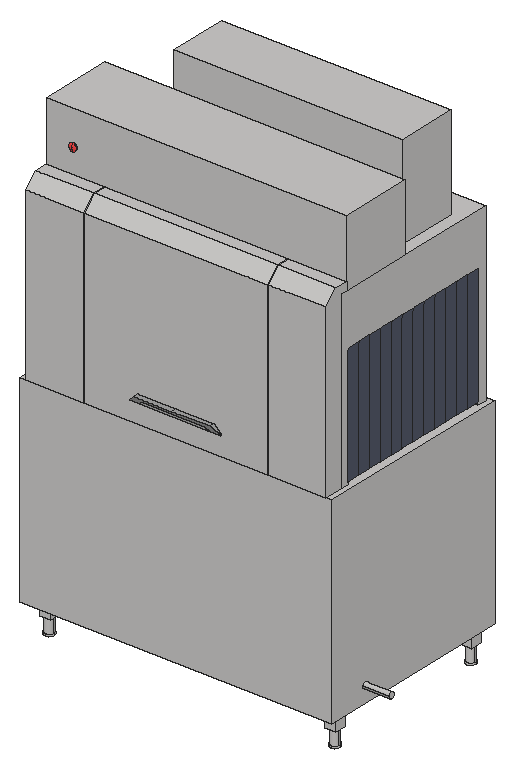
Revit family "QF_ELECTROLUXPROFESSIONAL_520430_ESR20SL3", category Specialty Equipment, Revit 2018
Family settings
  Round Connector Dimension = Use Diameter
  Part Type = Normal
  Work Plane-Based = No
  Always vertical = Yes
  Cut with Voids When Loaded = No
  Shared = No
  Room Calculation Point = No
Parameters (values of type "Standard")
  Weight = 258.00 kg
  Watts = 0 W
  Volts = 220 V
  URL Manufacturer = "http://professional.electrolux.com"
  URL = "http://professional.electrolux.com"
  Steam Supply Size = 0 mm
  Steam Supply Minimum Pressure = 0.0 Pa
  Steam Supply Maximum Pressure = 0.0 Pa
  Steam Consumption per Hour = 75
  Show Clearance [instance] = yes
  Refrigeration Suction Line Size = 0 mm
  Refrigeration Liquid Line Size = 0 mm
  Refrigerant Compressor Remote = yes
  Manufacturer = "Electrolux Professional"
  Phase = 3
  Model = "ESR20SL3"
  Length Actual = 1148 mm  # constant formula
  L_R [instance] = yes
  Item Number = "520430"
  Hot Water Size = 0 mm
  Height Actual = 1846 mm  # constant formula
  HP = "3.4 HP"
  Gas Size = 0 mm
  Gas KW = 0
  Gas Input Pressure = 0 W
  Direct Waste Size = 50.8 mm
  Description = "SINGLE RINSE RACK TYPE DISHWASHER,200 RACKS/HOUR,STEAM,L>R,220-240V/60HZ/3"
  Depth Actual = 800 mm  # constant formula
  Cycle = 60 Hz
  Condensate Return Size = 0 mm
  Compressed Air Volume = 0.0 L/s
  Compressed Air Size = 0 mm
  Compressed Air Pressure = 0.0 Pa
  Cold Water Size = 0 mm
  Accessory = yes
Types (2, lengths in mm): name | URL | Manufacturer | Phase | Model | Description
  (no name) | 0 | 0 | 0 | 0 | 0
  Standard | "http://professional.electrolux.com" | "Electrolux Professional" | 3 | "ESR20SL3" | "SINGLE RINSE RACK TYPE DISHWASHER,200 RACKS/HOUR,STEAM,L>R,220-240V/60HZ/3"
Values of the unnamed type that differ from the named types
  Volts = 0 V
  URL Manufacturer = ""
  Item Number = ""
  Cycle = 0 Hz
Reference planes
  plane 1 "Centro (Fronte/Retro)": y = 0
  plane 2: z = 0
  plane 3 "Centro (Sinistra/Destra)": x = 0
  plane 4 "LEFT": x = -574
  plane 5 "RIGHT": x = 574
  plane 6 "BACK": y = 384
  plane 7 "FRONT": y = -384
  plane 8: z = 120
  plane 9: z = 1747
  plane 10: z = 858
  plane 11: z = 1501
  plane 12: z = 1846
  plane 13: x = -526
  plane 14: x = 526
  plane 15: y = -290
  plane 16: y = 336
  plane 17: y = 369
  plane 18: x = -553
  plane 19: x = 553
  plane 20: y = -318
  plane 21: x = -338
  plane 22: x = 338
  plane 23: z = 1308
  plane 24: z = 2000
  plane 25: y = 464
Forms (mm)
  Extrusion 1, solid, material "QF_Finishes_Stainless Steel"
    sketch origin (0, 0, 0) x (1, 0, 0) y (0, 1, 0)
      loop
        line (-574, 384) -> (-574, -364) -> (574, -364) -> (574, 384) -> (-574, 384)
    from 120 to 858
  Extrusion 2, solid, material "QF_Finishes_Stainless Steel"
    sketch origin (0, 0, 0) x (1, 0, 0) y (0, 1, 0)
      loop
        line (-553, 369) -> (-553, -298) -> (553, -298) -> (553, 369) -> (-553, 369)
    from 858 to 1501
  Extrusion 3, solid, material "QF_Finishes_Stainless Steel"
    sketch origin (0, 20, 0) x (0, 1, 0) y (0, 0, 1)
      loop
        line (-384, 858) -> (-318, 858) -> (-318, 1501) -> (-290, 1501) -> (-290, 1531) -> (-340, 1531) -> (-384, 1487) -> (-384, 858)
    from -553 to -338
  Extrusion 4, solid, material "QF_Finishes_Stainless Steel"
    sketch origin (500, 20, 0) x (0, 1, 0) y (0, 0, 1)
      loop
        line (-384, 858) -> (-318, 858) -> (-318, 1501) -> (-290, 1501) -> (-290, 1531) -> (-340, 1531) -> (-384, 1487) -> (-384, 858)
    from -162 to 53
  Extrusion 5, solid, material "QF_Finishes_Stainless Steel"
    sketch origin (540, 20, 0) x (0, 1, 0) y (0, 0, 1)
      loop
        line (-384, 858) -> (-318, 858) -> (-318, 1501) -> (-290, 1501) -> (-290, 1531) -> (-340, 1531) -> (-384, 1487) -> (-384, 858)
    from -878 to -202
  Extrusion 6, solid, material "QF_Finishes_Gray"
    sketch origin (540, -364, 858) x (0, 0, 1) y (-1, 0, 0)
      loop
        line (100, 540) -> (100, 680) -> (71.716, 708.284) -> (71.716, 371.716) -> (100, 400) -> (100, 540)
    from 0 to 20
  Extrusion 7, void
    sketch origin (540, -384, 858) x (0, 0, -1) y (-1, 0, 0)
      loop
        line (-71.716, 670) -> (-85.858, 655.858) -> (-85.858, 540) -> (-85.858, 424.142) -> (-71.716, 410) -> (-71.716, 670)
    from 0 to 15.552
  Extrusion 8, void
    sketch origin (0, 0, 0) x (0, 1, 0) y (0, 0, 1)
      loop
        line (-368.448, 929.716) -> (-384, 958) -> (-384, 929.716) -> (-368.448, 929.716)
    from -266.002 to 250
  Extrusion 9, solid, material "QF_Finishes_Stainless Steel"
    sketch origin (0, 0, 0) x (1, 0, 0) y (0, 1, 0)
      loop
        line (-553, -270) -> (553, -270) -> (553, 0) -> (-553, 0) -> (-553, -270)
    from 1501 to 1747
  Revolve 10, solid, material "QF_Finishes_Red"
    sketch origin (-450, 0, 0) x (0, 1, 0) y (0, 0, 1)
      loop
        line (-270, 1624.5) -> (-270, 1629.5) -> (-275.578, 1629.5) -> (-275.578, 1638.673) -> (-276.708, 1638.673)
        arc (-276.708, 1638.673) -> (-279.647, 1631.859) -> (-280.606, 1624.5) r 26.817
        line (-280.606, 1624.5) -> (-270, 1624.5)
      axis (-270, 1624.5) -> (-280.606, 1624.5)
    angle from 0 to 360
  Extrusion 11, solid, material "QF_Finishes_Stainless Steel"
    sketch origin (0, 0, 0) x (1, 0, 0) y (0, 1, 0)
      loop
        line (509, 42) -> (509, 265) -> (-334, 265) -> (-334, 42) -> (509, 42)
    from 1501 to 1846
  Extrusion 12, void
    sketch origin (-553, -318, 0) x (0, -1, 0) y (0, 0, -1)
      loop
        line (-654, -1308) -> (-53, -1308) -> (-53, -858) -> (-654, -858) -> (-654, -1308)
    from 0 to 1106
  Extrusion 13, solid, material "QF_Finishes_Navy Blue"
    sketch origin (-553, -318, 0) x (0, 1, 0) y (0, 0, -1)
      loop
        line (653, -1308) -> (653, -868) -> (604, -868) -> (604, -1308) -> (653, -1308)
      loop
        line (53, -1308) -> (102, -1308) -> (102, -868) -> (53, -868) -> (53, -1308)
      loop
        line (602, -868) -> (554, -868) -> (554, -1308) -> (602, -1308) -> (602, -868)
      loop
        line (552, -868) -> (504, -868) -> (504, -1308) -> (552, -1308) -> (552, -868)
      loop
        line (502, -868) -> (454, -868) -> (454, -1308) -> (502, -1308) -> (502, -868)
      loop
        line (452, -868) -> (404, -868) -> (404, -1308) -> (452, -1308) -> (452, -868)
      loop
        line (402, -868) -> (354, -868) -> (354, -1308) -> (402, -1308) -> (402, -868)
      loop
        line (352, -868) -> (304, -868) -> (304, -1308) -> (352, -1308) -> (352, -868)
      loop
        line (302, -868) -> (254, -868) -> (254, -1308) -> (302, -1308) -> (302, -868)
      loop
        line (252, -868) -> (204, -868) -> (204, -1308) -> (252, -1308) -> (252, -868)
      loop
        line (202, -868) -> (154, -868) -> (154, -1308) -> (202, -1308) -> (202, -868)
      loop
        line (152, -868) -> (104, -868) -> (104, -1308) -> (152, -1308) -> (152, -868)
    from 0 to -3
  Extrusion 14, solid, material "QF_Finishes_Navy Blue"
    sketch origin (553, -318, 0) x (0, 1, 0) y (0, 0, 1)
      loop
        line (653, 1308) -> (604, 1308) -> (604, 868) -> (653, 868) -> (653, 1308)
      loop
        line (53, 1308) -> (53, 868) -> (102, 868) -> (102, 1308) -> (53, 1308)
      loop
        line (602, 868) -> (602, 1308) -> (554, 1308) -> (554, 868) -> (602, 868)
      loop
        line (552, 868) -> (552, 1308) -> (504, 1308) -> (504, 868) -> (552, 868)
      loop
        line (502, 868) -> (502, 1308) -> (454, 1308) -> (454, 868) -> (502, 868)
      loop
        line (452, 868) -> (452, 1308) -> (404, 1308) -> (404, 868) -> (452, 868)
      loop
        line (402, 868) -> (402, 1308) -> (354, 1308) -> (354, 868) -> (402, 868)
      loop
        line (352, 868) -> (352, 1308) -> (304, 1308) -> (304, 868) -> (352, 868)
      loop
        line (302, 868) -> (302, 1308) -> (254, 1308) -> (254, 868) -> (302, 868)
      loop
        line (252, 868) -> (252, 1308) -> (204, 1308) -> (204, 868) -> (252, 868)
      loop
        line (202, 868) -> (202, 1308) -> (154, 1308) -> (154, 868) -> (202, 868)
      loop
        line (152, 868) -> (152, 1308) -> (104, 1308) -> (104, 868) -> (152, 868)
    from 0 to -3
  Extrusion 15, solid, material "QF_Door-Drawer Clearances", visible <- "Show Clearance", detail levels coarse
    sketch origin (453, -119.301, 494.86) x (0, 1, 0) y (0, 0, 1)
      loop
        line (-178.699, 1036.14) -> (-178.699, 1475.14) -> (-150.699, 1475.14) -> (-150.699, 1505.14) -> (-200.699, 1505.14) -> (-244.699, 1461.14) -> (-244.699, 992.14) -> (-200.699, 1036.14) -> (-178.699, 1036.14)
    from -791 to -115
  Extrusion 16, solid, material "QF_Clearance", visible <- "Show Clearance", detail levels coarse
    sketch origin (0, 0, 0) x (1, 0, 0) y (0, 1, 0)
      loop
        line (-574, 384) -> (574, 384) -> (574, 464) -> (-574, 464) -> (-574, 384)
    from 0 to 1846
  Extrusion 17, solid, material "QF_Finishes_Stainless Steel"
    sketch origin (-553, -318, 0) x (0, 1, 0) y (0, 0, -1)
      loop
        circle (104, -183) r 10
    from 21 to 121
  Extrusion 18, solid, material "QF_Finishes_Stainless Steel"
    sketch origin (553, -318, 0) x (0, 1, 0) y (0, 0, 1)
      loop
        circle (104, 183) r 10
    from 21 to 121
  Extrusion 19, solid, material "QF_Finishes_Stainless Steel"
    sketch origin (487.887, 0, -4.4) x (-1, 0, 0) y (0, 0, 1)
      loop
        circle (943.887, 1646.362) r 10
    from 0 to 35
  Extrusion 20, solid, material "QF_Finishes_Stainless Steel"
    sketch origin (-335, 265, 6.038) x (1, 0, 0) y (0, 0, -1)
      loop
        circle (204, -1740.962) r 10
    from 0 to 10
Cuts and joins
  Extrusion 7, Extrusion 12 cuts Extrusion 2
  Extrusion 7 cuts Extrusion 5
  Extrusion 7, Extrusion 8 cuts Extrusion 6
  Extrusion 12 cuts Extrusion 1
Lines and regions (mm)
  Split face 1
    outline origin (-553, -270, 0) x (1, 0, 0) y (0, 0, 1)
      loop
        line (215, 1501) -> (215, 1747)
      loop
        line (891, 1501) -> (891, 1747)
  Split face 2
    outline origin (-553, -270, 0) x (1, 0, 0) y (0, 0, 1)
      loop
        line (215, 1651) -> (310, 1651) -> (348.837, 1604.716) -> (553, 1604.716) -> (757.163, 1604.716) -> (796, 1651) -> (891, 1651)
  Split face 3
    outline origin (-553, -270, 0) x (1, 0, 0) y (0, 0, 1)
      loop
        line (482.982, 1651) -> (482.982, 1631) -> (512.982, 1631) -> (512.982, 1651) -> (482.982, 1651)
  Split face 4
    outline origin (553, -270, 0) x (-1, 0, 0) y (0, 0, -1)
      loop
        line (455.982, -1651) -> (485.982, -1651) -> (485.982, -1631) -> (455.982, -1631) -> (455.982, -1651)
  symbolic lines
    curve 1: line (-334, 265, 0) -> (509, 265, 0)
    curve 2: line (-334, 42, 0) -> (-334, 265, 0)
    curve 3: line (509, 42, 0) -> (-334, 42, 0)
    curve 4: line (509, 265, 0) -> (509, 42, 0)
    curve 5: line (-574, 384, 0) -> (574, 384, 0)
    curve 6: line (574, 384, 0) -> (574, -364, 0)
    curve 7: line (574, -364, 0) -> (-574, -364, 0)
    curve 8: line (-574, -364, 0) -> (-574, 384, 0)
    curve 9: line (-553, -364, 0) -> (-553, 369, 0)
    curve 10: line (-553, 369, 0) -> (553, 369, 0)
    curve 11: line (553, 369, 0) -> (553, -364, 0)
    curve 12: line (553, -320, 0) -> (-553, -320, 0)
    curve 13: line (-338, -364, 0) -> (-338, -270, 0)
    curve 14: line (-553, -270, 0) -> (553, -270, 0)
    curve 15: line (338, -364, 0) -> (338, -270, 0)
    curve 16: line (526, 0, 0) -> (-553, 0, 0)
    curve 23: line (-168.284, -364, 0) -> (-168.284, -368.448, 0)
    curve 24: line (-168.284, -368.448, 0) -> (-140, -384, 0)
    curve 25: line (-140, -384, 0) -> (140, -384, 0)
    curve 26: line (140, -384, 0) -> (168.284, -368.448, 0)
    curve 27: line (168.284, -368.448, 0) -> (168.284, -364, 0)
  symbolic lines, style "QF_Clearances"
    curve 17: line (-574, 384, 0) -> (-574, 464, 0)
    curve 18: line (-574, 464, 0) -> (574, 464, 0)
    curve 19: line (574, 384, 0) -> (574, 464, 0)
  symbolic lines, style "SpecialityEquipment"
    curve 20: line (100, 129, 0) -> (-100, 129, 0)
  symbolic lines, style "SpecialityEquipment", visible <- "L_R"
    curve 21: line (100, 129, 0) -> (50.207, 87.219, 0)
    curve 22: line (100, 129, 0) -> (50.207, 170.781, 0)
Dimensions and locks
  equal spacing: plane 4 "LEFT", plane 3 "Centro (Sinistra/Destra)", plane 5 "RIGHT"
  plane 4 "LEFT" to plane 5 "RIGHT" = 1148 mm
  equal spacing: plane 6 "BACK", plane 1 "Centro (Fronte/Retro)", plane 7 "FRONT"
  plane 6 "BACK" to plane 7 "FRONT" = 768 mm
  plane 12 to plane 9 to plane 11 to plane 10 to plane 8 to plane 2 = 99 mm, 246 mm, 643 mm, 738 mm, 120 mm
  plane 12 to plane 2 = 1846 mm
  locked: plane 4 "LEFT" to plane 13 at 48
  locked: plane 14 to plane 5 "RIGHT" at 48
  locked: plane 6 "BACK" to plane 16 at 48
  locked: plane 15 to plane 7 "FRONT" at 94
  locked: plane 6 "BACK" to plane 17 at 15
  locked: plane 4 "LEFT" to plane 18 at 21
  locked: plane 19 to plane 5 "RIGHT" at 21
  locked: plane 20 to plane 7 "FRONT" at 66
  locked: plane 21 to plane 18 at 215
  locked: plane 19 to plane 22 at 215
  locked: plane 23 to plane 10 at 450
  plane 24 to plane 2 = 2000 mm
  locked: plane 6 "BACK" to plane 25 at 80
  plane 9 to plane 2 = 1747 mm
  aligned and locked: level to plane 2
  aligned and locked: plane 13 to nested 1
  aligned and locked: nested 1 to plane 15
  aligned and locked: nested 2 to plane 16
  aligned and locked: plane 14 to nested 3
  aligned and locked: nested 4 to plane 16
  aligned and locked: plane 14 to nested 4
  aligned and locked: Extrusion 1 sketch curve to plane 6 "BACK"
  aligned and locked: plane 4 "LEFT" to Extrusion 1 sketch curve
  aligned and locked: Extrusion 1 sketch curve to plane 5 "RIGHT"
  aligned and locked: plane 18 to Extrusion 2 sketch curve
  aligned and locked: Extrusion 2 sketch curve to plane 19
  aligned and locked: Extrusion 2 sketch curve to plane 17
  aligned and locked: Extrusion 3 to plane 18
  aligned and locked: plane 21 to Extrusion 3
  aligned and locked: plane 19 to Extrusion 4
  aligned and locked: Extrusion 4 to plane 22
  aligned and locked: Extrusion 5 to plane 21
  aligned and locked: plane 22 to Extrusion 5
  aligned and locked: Extrusion 2 to Extrusion 3
  aligned and locked: Extrusion 1 to Extrusion 3
  aligned and locked: Extrusion 9 sketch curve to Extrusion 3
  aligned and locked: Extrusion 9 sketch curve to plane 18
  aligned and locked: Extrusion 9 sketch curve to plane 1 "Centro (Fronte/Retro)"
  aligned and locked: plane 19 to Extrusion 12
  aligned and locked: plane 4 "LEFT" to Extrusion 17
  aligned and locked: plane 19 to Extrusion 9
  aligned and locked: Extrusion 16 to plane 25
  aligned and locked: plane 9 to Extrusion 9
Automatic sketch dimensions
  Extrusion 6 sketch curve to plane 3 "Centro (Sinistra/Destra)" = 0 mm
  plane 10 to Extrusion 6 sketch curve = 71.716 mm
  Extrusion 6 sketch curve to Extrusion 6 sketch curve = 28.284 mm  (x3)
  plane 3 "Centro (Sinistra/Destra)" to Extrusion 6 sketch curve = 140 mm
  Extrusion 6 sketch curve to Extrusion 6 sketch curve = 140 mm
  Extrusion 7 sketch curve to Extrusion 6 = 0 mm
  Extrusion 6 to Extrusion 7 sketch curve = 14.142 mm
  Extrusion 6 to Extrusion 7 sketch curve = 27.071 mm
  Extrusion 7 sketch curve to Extrusion 7 sketch curve = 14.142 mm  (x2)
  Extrusion 7 sketch curve to Extrusion 7 sketch curve = 115.858 mm  (x2)
  Split face 2 sketch curve to Split face 2 sketch curve = 38.837 mm  (x2)
  Split face 2 sketch curve to Split face 2 sketch curve = 204.163 mm  (x2)
  Split face 2 sketch curve to Split face 2 sketch curve = 95 mm  (x2)
  Split face 3 sketch curve to Split face 3 sketch curve = 30 mm
  Split face 3 sketch curve to Split face 3 sketch curve = 20 mm
  Split face 4 sketch curve to Split face 4 sketch curve = 30 mm
  Split face 4 sketch curve to Split face 4 sketch curve = 20 mm
  Split face 1 sketch curve to Split face 1 sketch curve = 676 mm
  Split face 1 sketch curve to Split face 1 sketch curve = 0 mm
  Split face 1 sketch curve to Split face 1 sketch curve = 246 mm  (x2)
  Split face 2 sketch curve to Split face 2 sketch curve = 46.284 mm  (x2)
  plane 13 to Extrusion 19 sketch curve = 70 mm
  Extrusion 19 sketch curve to plane 9 = 105.038 mm
  plane 7 "FRONT" to Extrusion 1 sketch curve = 20 mm
  Extrusion 2 sketch curve to plane 15 = 8 mm
  Extrusion 3 sketch curve to plane 10 = 0 mm
  Extrusion 3 sketch curve to plane 11 = 0 mm
  plane 7 "FRONT" to Extrusion 3 sketch curve = 20 mm
  Extrusion 3 sketch curve to plane 20 = 2 mm
  Extrusion 3 sketch curve to plane 15 = 8 mm
  plane 15 to Extrusion 3 sketch curve = 20 mm
  Extrusion 3 sketch curve to plane 11 = 14 mm
  plane 11 to Extrusion 3 sketch curve = 30 mm
  Extrusion 4 sketch curve to plane 10 = 0 mm
  Extrusion 4 sketch curve to plane 11 = 0 mm
  plane 7 "FRONT" to Extrusion 4 sketch curve = 20 mm
  Extrusion 4 sketch curve to plane 20 = 2 mm
  Extrusion 4 sketch curve to plane 15 = 8 mm
  plane 15 to Extrusion 4 sketch curve = 20 mm
  Extrusion 4 sketch curve to plane 11 = 14 mm
  plane 11 to Extrusion 4 sketch curve = 30 mm
  Extrusion 5 sketch curve to plane 10 = 0 mm
  Extrusion 5 sketch curve to plane 11 = 0 mm
  plane 7 "FRONT" to Extrusion 5 sketch curve = 20 mm
  Extrusion 5 sketch curve to plane 20 = 2 mm
  Extrusion 5 sketch curve to plane 15 = 8 mm
  plane 15 to Extrusion 5 sketch curve = 20 mm
  Extrusion 5 sketch curve to plane 11 = 14 mm
  plane 11 to Extrusion 5 sketch curve = 30 mm
  Extrusion 8 sketch curve to plane 7 "FRONT" = 0 mm
  plane 7 "FRONT" to Extrusion 8 sketch curve = 15.552 mm
  plane 10 to Extrusion 8 sketch curve = 71.716 mm
  Extrusion 8 sketch curve to Extrusion 8 sketch curve = 28.284 mm
  Extrusion 9 sketch curve to plane 19 = 0 mm
  plane 15 to Revolve 10 sketch curve = 9.394 mm
  plane 15 to Revolve 10 sketch curve = 13.292 mm
  Revolve 10 sketch curve to Revolve 10 sketch curve = 5.028 mm
  Revolve 10 sketch curve to Revolve 10 sketch curve = 5.578 mm
  Revolve 10 sketch curve to Revolve 10 sketch curve = 16.21 mm
  Revolve 10 sketch curve to plane 9 = 122.5 mm  (x2)
  Revolve 10 sketch curve to Revolve 10 sketch curve = 0.248 mm
  Revolve 10 sketch curve to Revolve 10 sketch curve = 5 mm
  Revolve 10 sketch curve to plane 7 "FRONT" = 66 mm
  Revolve 10 sketch curve to Revolve 10 sketch curve = 0 mm
  plane 21 to Extrusion 11 sketch curve = 4 mm
  Extrusion 11 sketch curve to plane 14 = 17 mm
  Extrusion 11 sketch curve to plane 1 "Centro (Fronte/Retro)" = 42 mm
  Extrusion 11 sketch curve to plane 16 = 71 mm
  Extrusion 2 to Extrusion 12 sketch curve = 0 mm
  Extrusion 12 sketch curve to Extrusion 2 = 33 mm
  Extrusion 2 to Extrusion 12 sketch curve = 33 mm
  Extrusion 12 sketch curve to Extrusion 2 = 193 mm
  Extrusion 2 to Extrusion 13 sketch curve = 10 mm  (x9)
  Extrusion 13 sketch curve to Extrusion 2 = 33 mm
  Extrusion 13 sketch curve to Extrusion 13 sketch curve = 49 mm
  Extrusion 13 sketch curve to Extrusion 13 sketch curve = 2 mm  (x11)
  Extrusion 13 sketch curve to Extrusion 13 sketch curve = 48 mm  (x10)
  Extrusion 2 to Extrusion 13 sketch curve = 34 mm
  Extrusion 13 sketch curve to Extrusion 13 sketch curve = 0 mm  (x13)
  Extrusion 2 to Extrusion 13 sketch curve = 193 mm  (x2)
  Extrusion 14 sketch curve to plane 23 = 0 mm  (x12)
  plane 10 to Extrusion 14 sketch curve = 10 mm  (x9)
  plane 15 to Extrusion 14 sketch curve = 25 mm
  Extrusion 14 sketch curve to Extrusion 14 sketch curve = 49 mm
  Extrusion 14 sketch curve to Extrusion 14 sketch curve = 2 mm  (x11)
  Extrusion 14 sketch curve to Extrusion 14 sketch curve = 48 mm  (x8)
  plane 1 "Centro (Fronte/Retro)" to Extrusion 14 sketch curve = 16 mm
  Extrusion 14 sketch curve to plane 1 "Centro (Fronte/Retro)" = 34 mm
  Extrusion 14 sketch curve to plane 16 = 1 mm
  Extrusion 14 sketch curve to Extrusion 14 sketch curve = 0 mm  (x3)
  Extrusion 15 sketch curve to plane 24 = 0 mm
  plane 7 "FRONT" to Extrusion 15 sketch curve = 20 mm
  Extrusion 15 sketch curve to plane 20 = 2 mm  (x2)
  Extrusion 15 sketch curve to plane 15 = 8 mm
  plane 15 to Extrusion 15 sketch curve = 20 mm
  Extrusion 15 sketch curve to plane 24 = 30 mm
  Extrusion 15 sketch curve to plane 24 = 44 mm
  plane 11 to Extrusion 15 sketch curve = 30 mm
  Extrusion 15 sketch curve to plane 11 = 14 mm
  Extrusion 16 sketch curve to plane 4 "LEFT" = 0 mm
  Extrusion 16 sketch curve to plane 5 "RIGHT" = 0 mm
  Extrusion 16 sketch curve to plane 6 "BACK" = 0 mm
  plane 25 to Extrusion 16 sketch curve = 0 mm
  Extrusion 17 sketch curve to Extrusion 2 = 84 mm
  Extrusion 17 sketch curve to Extrusion 2 = 675 mm
  plane 15 to Extrusion 18 sketch curve = 76 mm
  plane 8 to Extrusion 18 sketch curve = 63 mm
  Extrusion 20 sketch curve to Extrusion 11 = 203 mm
  Extrusion 11 to Extrusion 20 sketch curve = 99 mm
  curve 18 to plane 4 "LEFT" = 0 mm
  curve 12 to plane 18 = 0 mm
  curve 13 to plane 21 = 0 mm
  curve 25 to plane 7 "FRONT" = 0 mm
  curve 15 to plane 22 = 0 mm
  plane 1 "Centro (Fronte/Retro)" to curve 16 = 0 mm
  curve 16 to plane 14 = 0 mm
  plane 17 to curve 11 = 0 mm
  curve 11 to plane 19 = 0 mm
  curve 5 to plane 5 "RIGHT" = 0 mm
  curve 5 to plane 6 "BACK" = 0 mm
  plane 25 to curve 18 = 0 mm
  plane 21 to curve 2 = 4 mm
  plane 7 "FRONT" to curve 24 = 15.552 mm
  curve 24 to plane 3 "Centro (Sinistra/Destra)" = 168.284 mm
  curve 23 to curve 25 = 28.284 mm
  plane 3 "Centro (Sinistra/Destra)" to curve 21 = 100 mm
  plane 3 "Centro (Sinistra/Destra)" to curve 25 = 140 mm
  curve 4 to plane 14 = 17 mm
  curve 2 to plane 1 "Centro (Fronte/Retro)" = 42 mm
  curve 22 to plane 1 "Centro (Fronte/Retro)" = 129 mm
  curve 1 to plane 16 = 71 mm
  curve 20 to plane 3 "Centro (Sinistra/Destra)" = 100 mm
  plane 3 "Centro (Sinistra/Destra)" to curve 22 = 50.207 mm
  plane 3 "Centro (Sinistra/Destra)" to curve 21 = 50.207 mm
  curve 25 to curve 27 = 28.284 mm
  plane 7 "FRONT" to curve 26 = 15.552 mm
  curve 26 to curve 27 = 4.448 mm
  curve 12 to plane 20 = 2 mm
  plane 15 to curve 15 = 20 mm
  curve 21 to curve 20 = 41.781 mm
  curve 20 to curve 22 = 41.781 mm
  radius of Extrusion 19 sketch curve = 10 mm
  radius of Extrusion 17 sketch curve = 10 mm
  radius of Extrusion 18 sketch curve = 10 mm
  radius of Extrusion 20 sketch curve = 10 mm
Nested families
  nested 1: "Foot_40x40_H150" at (-526, -290, 0), type "Foot_40x40_H150"
  nested 2: "Foot_40x40_H150" at (-526, 336, 0), type "Foot_40x40_H150"
  nested 3: "Foot_40x40_H150" at (526, -290, 0), type "Foot_40x40_H150"
  nested 4: "Foot_40x40_H150" at (526, 336, 0), type "Foot_40x40_H150"
Connectors
  piping at (-674, -214, 183), diameter 20
    settings: on Extrusion 17, index 1, connector inside diameter 609.6 mm, connector length 0 mm, flow factor 0, pipe flow 0.0 L/s, pressure drop 0.0 Pa, fitting loss kfactor 0, connector angle 0.00°, fixture units 0, engagement length 0 mm, angle of deflection 0.00°, flow configuration 1, flow direction 2, fitting loss method 0, system type 16, joint type 0, gender type 0, connector reference index -1, connector utility 0, adjustable connector no, is connector primary yes, connector description "Drain"
  piping at (674, -214, 183), diameter 20
    settings: on Extrusion 18, index 2, connector inside diameter 609.6 mm, connector length 0 mm, flow factor 0, pipe flow 0.0 L/s, pressure drop 0.0 Pa, fitting loss kfactor 0, connector angle 0.00°, fixture units 0, engagement length 0 mm, angle of deflection 0.00°, flow configuration 1, flow direction 2, fitting loss method 0, system type 16, joint type 0, gender type 0, connector reference index -1, connector utility 0, adjustable connector no, is connector primary no, connector description "Drain"
  electrical at (-456, 35, 1641.962)
    settings: on Extrusion 19, index 3, voltage 0 V, apparent load 0 VA, apparent load phase1 0 VA, apparent load phase2 0 VA, apparent load phase3 0 VA, power factor 1, load classification "Altro", number of poles 1, system type 30, power factor state 1, is connector primary yes, connector utility no, sub classification motor no, connector description "Electrical"
  piping at (-131, 275, 1747), diameter 609.6
    settings: on Extrusion 20, index 4, connector inside diameter 609.6 mm, connector length 0 mm, flow factor 0, pipe flow 0.0 L/s, pressure drop 0.0 Pa, fitting loss kfactor 0, connector angle 0.00°, fixture units 0, engagement length 0 mm, angle of deflection 0.00°, flow configuration 0, flow direction 0, fitting loss method 0, system type 20, joint type 0, gender type 0, connector reference index -1, connector utility 0, adjustable connector no, is connector primary no, connector description "Cold Water"
Definition of nested family "Foot_40x40_H150"
  Reference planes
    plane 1 "Centro (Fronte/Retro)": y = 0
    plane 2: z = 0
    plane 3 "Centro (Sinistra/Destra)": x = 0
    plane 4: z = 120
  Forms (mm)
    Extrusion 1, solid
      sketch origin (0, 0, 0) x (1, 0, 0) y (0, 1, 0)
        loop
          circle (0, 0) r 18
      from 0 to 5
    Extrusion 2, solid
      sketch origin (0, 0, 5) x (1, 0, 0) y (0, 1, 0)
        loop
          circle (0, 0) r 15
      from 0 to 55
    Extrusion 3, solid
      sketch origin (0, 0, 60) x (1, 0, 0) y (0, 1, 0)
        loop
          line (-20, 20) -> (-20, -20) -> (20, -20) -> (20, 20) -> (-20, 20)
      from 0 to 60
  Dimensions and locks
    aligned and locked: level to plane 2
    aligned and locked: plane 4 to Extrusion 3
    aligned and locked: Extrusion 1 to level
